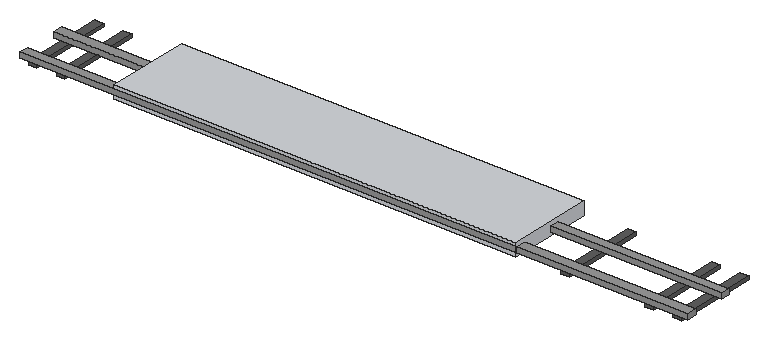
Revit family "2112-2, Solid", category Generic Models, host Face, Revit 2020
Family settings
  Host = Face
  Can host rebar = No
  Round Connector Dimension = Use Diameter
  Part Type = Normal
  Cut with Voids When Loaded = No
  Shared = No
  Room Calculation Point = No
Parameters
  min_value [instance] = 1' - 11 1/4"  # constant formula
  max_value [instance] = 11' - 11 1/4"  # constant formula
  actual_value [instance] = if(NET LENGTH < min_value, min_value, if(NET LENGTH > max_value, max_value, NET LENGTH))  # 7' - 11 1/4"
  NET LENGTH [instance] = 7' - 11 1/4"
  Default Elevation = 4' - 0"
  BACKER MATERIAL [instance] = BLACK-BACKERS
  .. MEMBER WIDTH [instance] = 0' - 1 3/8"  # constant formula
  .. MEMBER MATERIAL [instance] = Solid Western Hemlock
  .. MEMBER LENGTH [instance] = actual_value  # 7' - 11 1/4"
  .. MEMBER DEPTH [instance] = 0' - 0 3/4"  # constant formula
  .. MEMBER COUNT [instance] = 2  # constant formula
  IMPORTANT NOTE!!!                                                                             *Backer layout is for visualization purposes only, final layout to be determined by 9Wood. [instance] = ""
Reference planes (in)
  plane 1 "Center (Front/Back)": y = 0
  plane 2: z = 1.82209
  plane 3 "Center (Left/Right)": x = 0
Forms (in)
  Extrusion 1, solid
    sketch origin (132, -33.80483, 0) x (1, 0, 0) y (0, 1, 0)
      loop
        line (-118.625, 33.80483) -> (-61.26146, 33.80483) -> (-61.26146, 45.86733) -> (-118.625, 45.86733) -> (-118.625, 33.80483)
    from 1.82209 to 0
Dimensions and locks (in)
  aligned and locked: Extrusion 1 to plane 2
  aligned and locked: plane 3 "Center (Left/Right)" to nested 1
Nested families (in)
  nested 1: "1100 SERIES CONFIG" at (0, 2, 0), .. MEMBER DEPTH <- ".. MEMBER DEPTH", .. MEMBER LENGTH <- ".. MEMBER LENGTH", .. MEMBER WIDTH <- ".. MEMBER WIDTH", .. MEMBER MATERIAL <- ".. MEMBER MATERIAL", BACKING M MATERIAL <- "BACKER MATERIAL", .. MEMBER COUNT <- ".. MEMBER COUNT", type "1100 SERIES CONFIG"
    with X 7' - 8", SCRIM OVERHANG 2 0' - 0 3/32", SCRIM OVERHANG 0' - 0 7/8", SCRIM LENGTH 8' - 1", SCRIM  MATERIAL SCRIM, SCRIM no, NOMINAL LENGTH 7, N 8, Inset 6' - 0 3/8", INSET 0' - 1", INDEX 0' - 5 5/8", HALF MEMBER WIDTH 0' - 0 11/16", HALF LENGTH 3' - 11 5/8", END BACKER yes, BACKING M WIDTH 0' - 1 1/4", BACKING M OC SPACING 1' - 0", BACKING M MATERIAL BLACK-BACKERS, BACKING M LENGTH 0' - 11 7/8", BACKING M DEPTH 0' - 0 1/2", BACKING M COUNT 8, 3/16" INSET 0' - 0 3/16", .. MEMBER WIDTH 0' - 1 3/8", .. MEMBER OC SPACING 0' - 6", .. MEMBER MATERIAL Solid Western Hemlock, .. MEMBER LENGTH 7' - 11 1/4", .. MEMBER DEPTH 0' - 0 3/4", .. MEMBER COUNT 2
Definition of nested family "1100 SERIES CONFIG"
  Parameters (values of type "1100 SERIES CONFIG")
    X [instance] = .. MEMBER LENGTH - 0' 3 1/4"  # 5' - 5"
    SCRIM OVERHANG 2 [instance] = 0' - 0 3/32"  # constant formula
    SCRIM OVERHANG [instance] = 0' - 0 7/8"  # constant formula
    SCRIM LENGTH [instance] = .. MEMBER LENGTH + (SCRIM OVERHANG * 2)  # 5' - 10"
    SCRIM  MATERIAL [instance] = none
    SCRIM [instance] = yes
    NOMINAL LENGTH [instance] = 7
    N [instance] = if((X - (rounddown(X / 1' 0") * 1' 0")) > 1' 0", rounddown(X / 1' 0") + 2, rounddown(X / 1' 0") + 1)  # 6
    Inset [instance] = 6' - 0 3/8"  # constant formula
    INSET [instance] = 0' - 1"  # constant formula
    END BACKER [instance] = INDEX > 0' 3 5/8"  # yes
    INDEX [instance] = (.. MEMBER LENGTH - ((N - 1) * 1' 0")) / 2  # 0' - 4 1/8"
    HALF MEMBER WIDTH [instance] = .. MEMBER WIDTH / 2  # 0' - 0 5/16"
    HALF LENGTH [instance] = .. MEMBER LENGTH / 2  # 2' - 10 1/8"
    Default Elevation = 0' - 0"
    BACKING M WIDTH [instance] = 0' - 1 1/4"
    BACKING M SPACING = 3' - 3"
    BACKING M MATERIAL [instance] = none
    BACKING M LENGTH [instance] = 0' - 11 7/8"
    BACKING M DEPTH [instance] = 0' - 0 1/2"
    BACKING M COUNT [instance] = N  # 6
    BACKING M OC SPACING [instance] = 1' - 0"  # constant formula
    3/16" INSET [instance] = 0' - 0 3/16"  # constant formula
    .. MEMBER WIDTH [instance] = 0' - 0 5/8"
    .. MEMBER OC SPACING [instance] = 1' 0" / .. MEMBER COUNT  # 0' - 4"
    .. MEMBER MATERIAL [instance] = none
    .. MEMBER LENGTH [instance] = 5' - 8 1/4"
    .. MEMBER DEPTH [instance] = 0' - 1 3/8"
    .. MEMBER COUNT [instance] = 3
  Reference planes (in)
    plane 1 "Center (Front/Back)": y = -2
    plane 2: z = 0
    plane 3 "Center (Left/Right)": x = 0
    plane 4: x = 1
    plane 5: x = 4.125
    plane 6: x = 34.125
    plane 7: x = 68.25
    plane 8: x = 67.25
    plane 9: x = 16.125
    plane 10: y = -1.8125
    plane 11: y = -1.6875
    plane 12: y = 2.3125
    plane 13: x = 69.125
    plane 14: x = -0.875
    plane 15: z = 0.5
    plane 16: z = 0.5625
    plane 17: y = 10.0625
    plane 18: y = 10.15625
    plane 19: y = -2.09375
  Dimensions and locks (in)
    "INSET": plane 3 "Center (Left/Right)" to plane 4
    "INDEX": plane 3 "Center (Left/Right)" to plane 5
    "HALF LENGTH": plane 3 "Center (Left/Right)" to plane 6
    ".. MEMBER LENGTH": plane 3 "Center (Left/Right)" to plane 7
    "INSET": plane 8 to plane 7
    equal spacing: group 2, group 3, group 6, group 7, group 8, group 9  (x3)
    "3/16" INSET": plane 1 "Center (Front/Back)" to plane 10
    ".. MEMBER OC SPACING": plane 12 to plane 11
    "SCRIM OVERHANG": plane 14 to plane 3 "Center (Left/Right)"
    "SCRIM OVERHANG": plane 7 to plane 13
    equal spacing: group 1, group 4, group 5  (x2)
    equal spacing: group 5, group 4, group 1
    "HALF MEMBER WIDTH": plane 1 "Center (Front/Back)" to plane 11
    "BACKING M OC SPACING": plane 5 to plane 9
    "SCRIM OVERHANG 2": plane 18 to plane 17
    "SCRIM OVERHANG 2": plane 19 to plane 1 "Center (Front/Back)"
    aligned and locked: level to plane 2
    aligned and locked: plane 6 to nested 1
    aligned and locked: nested 2 to plane 4
    aligned and locked: plane 5 to nested 3
    aligned and locked: plane 1 "Center (Front/Back)" to nested 1
    aligned and locked: nested 2 to plane 10
    aligned and locked: nested 3 to plane 10
    aligned and locked: nested 5 to plane 10
    aligned and locked: nested 4 to plane 10
    aligned and locked: nested 6 to plane 14
    aligned and locked: plane 12 to nested 7
    aligned and locked: nested 7 to plane 3 "Center (Left/Right)"
    aligned and locked: plane 9 to nested 5
    aligned and locked: plane 8 to nested 4
    aligned and locked: plane 15 to nested 2
    aligned and locked: nested 6 to plane 15
    aligned and locked: nested 1 to plane 16
    aligned and locked: nested 7 to plane 16
    aligned and locked: nested 6 to plane 19
  Nested families (in)
    nested 1: "INSTANCE - Parametric Cube" at (34.125, -1.6875, 1.9375), Length <- ".. MEMBER WIDTH", Height <- ".. MEMBER DEPTH", Width <- ".. MEMBER LENGTH", Material <- ".. MEMBER MATERIAL", type "INSTANCE - Parametric Cube"
      with Width 5' - 8 1/4", Material none, Length 0' - 0 5/8", Height 0' - 1 3/8"
    nested 2: "2ND INSTANCE - Parametric Cube" at (1.625, 4.125, 0), Height <- "BACKING M DEPTH", Length <- "BACKING M LENGTH", Width <- "BACKING M WIDTH", Material <- "BACKING M MATERIAL", visible <- "END BACKER", type "2ND INSTANCE - Parametric Cube"
      with Width 0' - 1 1/4", Material none, Length 0' - 11 7/8", Height 0' - 0 1/2"
    nested 3: "2ND INSTANCE - Parametric Cube" at (4.125, 4.125, 0), Length <- "BACKING M LENGTH", Height <- "BACKING M DEPTH", Width <- "BACKING M WIDTH", Material <- "BACKING M MATERIAL", type "2ND INSTANCE - Parametric Cube"
      with Width 0' - 1 1/4", Material none, Length 0' - 11 7/8", Height 0' - 0 1/2"
    nested 4: "2ND INSTANCE - Parametric Cube" at (66.625, 4.125, 0), Width <- "BACKING M WIDTH", Length <- "BACKING M LENGTH", Height <- "BACKING M DEPTH", Material <- "BACKING M MATERIAL", visible <- "END BACKER", type "2ND INSTANCE - Parametric Cube"
      with Width 0' - 1 1/4", Material none, Length 0' - 11 7/8", Height 0' - 0 1/2"
    nested 5: "2ND INSTANCE - Parametric Cube" at (16.125, 4.125, 0), Length <- "BACKING M LENGTH", Height <- "BACKING M DEPTH", Width <- "BACKING M WIDTH", Material <- "BACKING M MATERIAL", type "2ND INSTANCE - Parametric Cube"
      with Width 0' - 1 1/4", Material none, Length 0' - 11 7/8", Height 0' - 0 1/2"
    nested 6: "3RD INSTANCE - Parametric Cube" at (34.125, 4.0445, 0.5), Width <- "SCRIM LENGTH", Material <- "SCRIM  MATERIAL", visible <- "SCRIM", type "3RD INSTANCE - Parametric Cube"
      with Width 5' - 10", Material none, Length 1' - 0.27649", Height 0' - 0 1/16"
    nested 7: "INSTANCE - Parametric Cube" at (34.125, 2.3125, 1.9375), Length <- ".. MEMBER WIDTH", Height <- ".. MEMBER DEPTH", Width <- ".. MEMBER LENGTH", Material <- ".. MEMBER MATERIAL", type "INSTANCE - Parametric Cube"
      with Width 5' - 8 1/4", Material none, Length 0' - 0 5/8", Height 0' - 1 3/8"
    nested 8: "INSTANCE - Parametric Cube" at (34.125, 6.3125, 1.9375), Length <- ".. MEMBER WIDTH", Height <- ".. MEMBER DEPTH", Width <- ".. MEMBER LENGTH", Material <- ".. MEMBER MATERIAL", type "INSTANCE - Parametric Cube"
      with Width 5' - 8 1/4", Material none, Length 0' - 0 5/8", Height 0' - 1 3/8"
    nested 9: "2ND INSTANCE - Parametric Cube" at (28.125, 4.125, 0), Length <- "BACKING M LENGTH", Height <- "BACKING M DEPTH", Width <- "BACKING M WIDTH", Material <- "BACKING M MATERIAL", type "2ND INSTANCE - Parametric Cube"
      with Width 0' - 1 1/4", Material none, Length 0' - 11 7/8", Height 0' - 0 1/2"
    nested 10: "2ND INSTANCE - Parametric Cube" at (40.125, 4.125, 0), Length <- "BACKING M LENGTH", Height <- "BACKING M DEPTH", Width <- "BACKING M WIDTH", Material <- "BACKING M MATERIAL", type "2ND INSTANCE - Parametric Cube"
      with Width 0' - 1 1/4", Material none, Length 0' - 11 7/8", Height 0' - 0 1/2"
    nested 11: "2ND INSTANCE - Parametric Cube" at (52.125, 4.125, 0), Length <- "BACKING M LENGTH", Height <- "BACKING M DEPTH", Width <- "BACKING M WIDTH", Material <- "BACKING M MATERIAL", type "2ND INSTANCE - Parametric Cube"
      with Width 0' - 1 1/4", Material none, Length 0' - 11 7/8", Height 0' - 0 1/2"
    nested 12: "2ND INSTANCE - Parametric Cube" at (64.125, 4.125, 0), Length <- "BACKING M LENGTH", Height <- "BACKING M DEPTH", Width <- "BACKING M WIDTH", Material <- "BACKING M MATERIAL", type "2ND INSTANCE - Parametric Cube"
      with Width 0' - 1 1/4", Material none, Length 0' - 11 7/8", Height 0' - 0 1/2"
  Definition of nested family "INSTANCE - Parametric Cube"
    Parameters (values of type "INSTANCE - Parametric Cube")
      Width [instance] = 0' - 6"
      Material [instance] = none
      Length [instance] = 1' - 0"
      Height [instance] = 1' - 6"
      Default Elevation = 0' - 0"
    Reference planes (in)
      plane 1 "Center (Front/Back)": y = 0
      plane 2: z = 0
      plane 3 "Center (Left/Right)": x = 0
      plane 4: x = -3
      plane 5: x = 3
      plane 6: y = 6
      plane 7: y = -6
      plane 8: z = -18
    Forms (in)
      Extrusion 1, solid, material <- "Material"
        sketch origin (0, 0, 0) x (1, 0, 0) y (0, 1, 0)
          loop
            line (-3, 6) -> (-3, -6) -> (3, -6) -> (3, 6) -> (-3, 6)
        from -18 to 0
    Dimensions and locks (in)
      equal spacing: plane 4, plane 3 "Center (Left/Right)", plane 5
      equal spacing: plane 6, plane 1 "Center (Front/Back)", plane 7
      "Length": plane 6 to plane 7
      "Width": plane 4 to plane 5
      "Height": plane 8 to level
      aligned and locked: plane 2 to level
      aligned and locked: Extrusion 1 sketch curve to plane 6
      aligned and locked: plane 4 to Extrusion 1 sketch curve
      aligned and locked: plane 7 to Extrusion 1 sketch curve
      aligned and locked: Extrusion 1 sketch curve to plane 5
      aligned and locked: Extrusion 1 to plane 8
  Definition of nested family "2ND INSTANCE - Parametric Cube"
    Parameters (values of type "2ND INSTANCE - Parametric Cube")
      Width [instance] = 0' - 6"
      Material [instance] = none
      Length [instance] = 1' - 0"
      Height [instance] = 1' - 6"
      Default Elevation = 0' - 0"
    Reference planes (in)
      plane 1 "Center (Front/Back)": y = 0
      plane 2: z = 0
      plane 3 "Center (Left/Right)": x = 0
      plane 4: x = -3
      plane 5: x = 3
      plane 6: y = 6
      plane 7: y = -6
      plane 8: z = 18
    Forms (in)
      Extrusion 1, solid, material <- "Material"
        sketch origin (0, 0, 0) x (1, 0, 0) y (0, 1, 0)
          loop
            line (-3, 6) -> (-3, -6) -> (3, -6) -> (3, 6) -> (-3, 6)
        from 0 to 18
    Dimensions and locks (in)
      equal spacing: plane 4, plane 3 "Center (Left/Right)", plane 5
      equal spacing: plane 6, plane 1 "Center (Front/Back)", plane 7
      "Length": plane 6 to plane 7
      "Width": plane 4 to plane 5
      "Height": level to plane 8
      aligned and locked: plane 2 to level
      aligned and locked: Extrusion 1 sketch curve to plane 6
      aligned and locked: plane 4 to Extrusion 1 sketch curve
      aligned and locked: plane 7 to Extrusion 1 sketch curve
      aligned and locked: Extrusion 1 sketch curve to plane 5
      aligned and locked: plane 8 to Extrusion 1
      aligned and locked: Extrusion 1 to level
  Definition of nested family "3RD INSTANCE - Parametric Cube"
    Parameters (values of type "3RD INSTANCE - Parametric Cube")
      Width [instance] = 0' - 6"
      Material [instance] = none
      Length [instance] = 1' - 0"
      Height [instance] = 1' - 6"
      Default Elevation = 0' - 0"
    Reference planes (in)
      plane 1 "Center (Front/Back)": y = 0
      plane 2: z = 0
      plane 3 "Center (Left/Right)": x = 0
      plane 4: x = -3
      plane 5: x = 3
      plane 6: y = 6
      plane 7: y = -6
      plane 8: z = 18
    Forms (in)
      Extrusion 1, solid, material <- "Material"
        sketch origin (0, 0, 0) x (1, 0, 0) y (0, 1, 0)
          loop
            line (-3, 6) -> (-3, -6) -> (3, -6) -> (3, 6) -> (-3, 6)
        from 0 to 18
    Dimensions and locks (in)
      equal spacing: plane 4, plane 3 "Center (Left/Right)", plane 5
      equal spacing: plane 6, plane 1 "Center (Front/Back)", plane 7
      "Length": plane 6 to plane 7
      "Width": plane 4 to plane 5
      "Height": level to plane 8
      aligned and locked: plane 2 to level
      aligned and locked: Extrusion 1 sketch curve to plane 6
      aligned and locked: plane 4 to Extrusion 1 sketch curve
      aligned and locked: plane 7 to Extrusion 1 sketch curve
      aligned and locked: Extrusion 1 sketch curve to plane 5
      aligned and locked: plane 8 to Extrusion 1
      aligned and locked: Extrusion 1 to level
